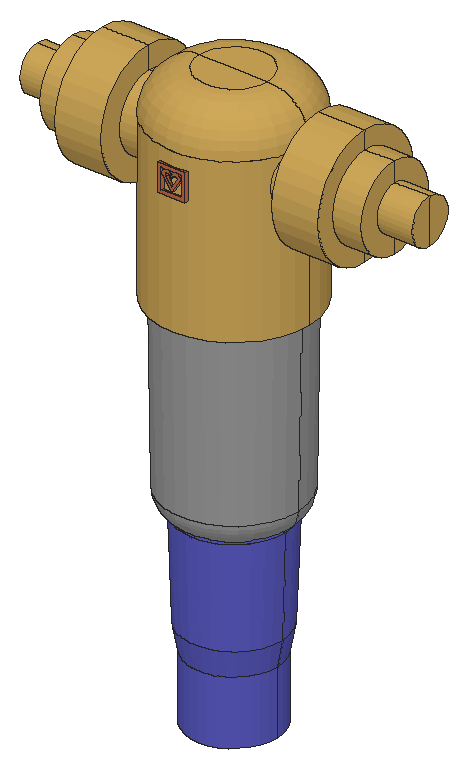
Revit family "HERZ Water Filter For Cold Water 0553", category Rohrzubehör, Revit 2019
Family settings
  Bemaßung runder Anschluss = Durchmesser verwenden
  Teiletyp = Unterbricht
  OmniClass-Nummer = 23.65.55.14
  OmniClass-Titel = Valves for Liquid Services
  Arbeitsebenenbasiert = Nein
  Immer vertikal = Ja
  Beim Laden mit Abzugskörper schneiden = Nein
  Gemeinsam genutzt = Nein
Parameters
  W02 = 88.00°  # constant formula
  W01 = 89.00°  # constant formula
  VRS01 = 10.000 mm  # constant formula
  SC_NennweiteBerechnet = 0
  SC_Dimension = ""
  SCTWSEQ = "FI;SBT_TYP_FI=\"FI\";2"
  SCTWCODE = "02;00;02"  # constant formula
  S01 [instance] = (L02 + VRL01 + VRL02) - (L01 / 2)  # 24.750 mm
  Model = "Filter for cold water with fiber-glass reinforced plastic cup."
  Medium = "Water"  # constant formula
  Max. operating temperature = 30 °C  # constant formula
  Max. operating pressure = 1600000.0 Pa  # constant formula
  Bowl = "transparent, fiber-glass reinforced plastic"  # constant formula
  Note = "Pursuant to Article 33 of the REACH Regulation (EC No. 1907/2006), we are obliged to point out that the material lead is listed on the SVHC list and that all brass components manufactured in our products exceed 0.1% (w / w) lead (CAS: 7439-92-1 / EINECS: 231-100-4).\r\nSince lead is a component part of an alloy, actual exposure is not possible and therefore no additional information on safe use is necessary."
  GT [instance] = size_lookup("0553_", "GT", 1.000 mm, Nennweite)  # 11.900 mm
  VRL02 [instance] = size_lookup("0553_", "VRL2", 1.000 mm, Nennweite)  # 21.750 mm
  VRL01 [instance] = size_lookup("0553_", "VRL1", 1.000 mm, Nennweite)  # 15.500 mm
  VRD02 [instance] = size_lookup("0553_", "VRD2", 1.000 mm, Nennweite)  # 14.000 mm
  VRD01 [instance] = size_lookup("0553_", "VRD1", 1.000 mm, Nennweite)  # 20.000 mm
  URL = "www.herzvalves.com"
  T01 = 1.000 mm  # constant formula
  R02 = 8.000 mm  # constant formula
  R01 = 12.500 mm  # constant formula
  Nennweite [instance] = 15.000 mm
  Cartridge = "stainless steel, mesh size 100 μm"  # constant formula
  D02 = 22.750 mm  # constant formula
  L02 [instance] = size_lookup("0553_", "L2", 1.000 mm, Nennweite)  # 28.750 mm
  L01 [instance] = size_lookup("0553_", "L1", 1.000 mm, Nennweite)  # 82.500 mm
  Hersteller = "HERZ Armaturen Ges.m.b.H."  # constant formula
  H04 = 174.000 mm  # constant formula
  H03 = 65.500 mm  # constant formula
  H02 = 45.500 mm  # constant formula
  H01 = 23.000 mm  # constant formula
  Body = "brass, CW617N"  # constant formula
  Part number [instance] = if(Nennweite = 15.000 mm, "I055301", if(Nennweite = 20.000 mm, "I055302", if(Nennweite = 25.000 mm, "I055303", "0")))  # "I055301"
  Application = "The HERZ-Water filter is used in house entrance installations for potable water to protect the potable water against contamination.\r\nIn this way the proper functioning of the system is ensured.\r\nDue to its compact design, the filter can be installed wherever space is restricted."
  AG [instance] = Nennweite / 2  # 7.500 mm
  D01 = 25.500 mm  # constant formula
Reference planes
  plane 1 "Mitte (Vorne/hinten)": y = 0
  plane 2: z = 0
  plane 3 "Mitte (Links/rechts)": x = 0
Forms (mm)
  Revolve 1, solid, material "Messing, weicher Gelbton, geschweißt", detail levels fine
    sketch origin (0, 0, 0) x (1, 0, 0) y (0, 0, 1)
      loop
        line (-41.25, 0) -> (41.25, 0) -> (41.25, 12.5) -> (-41.25, 12.5) -> (-41.25, 0)
      axis (-41.25, 0) -> (41.25, 0)
    angle from 0 to 360
  Revolve 2, solid, material "Messing, weicher Gelbton, geschweißt", detail levels fine
    sketch origin (0, 0, 0) x (1, 0, 0) y (0, 0, 1)
      loop
        line (-28.75, 0) -> (-28.75, 20) -> (-44.25, 20) -> (-44.25, 14) -> (-54.1, 14) -> (-54.1, 7.5) -> (-66, 7.5) -> (-66, 0) -> (-28.75, 0)
      axis (-66, 0) -> (-28.75, 0)
    angle from 0 to 360
  Revolve 3, solid, material "Messing, weicher Gelbton, geschweißt", detail levels fine
    sketch origin (0, 0, 0) x (-1, 0, 0) y (0, 0, 1)
      loop
        line (-28.75, 0) -> (-28.75, 20) -> (-44.25, 20) -> (-44.25, 14) -> (-54.1, 14) -> (-54.1, 7.5) -> (-66, 7.5) -> (-66, 0) -> (-28.75, 0)
      axis (-66, 0) -> (-28.75, 0)
    angle from 0 to 360
  Revolve 4, solid, material "Messing, weicher Gelbton, geschweißt", detail levels fine
    sketch origin (0, 0, 0) x (1, 0, 0) y (0, 0, 1)
      loop
        line (0, -45.5) -> (0, 23) -> (-11.5, 23)
        arc (-11.5, 23) -> (-21.399, 18.899) -> (-25.5, 9) r 14
        line (-25.5, 9) -> (-25.5, -45.5) -> (0, -45.5)
      axis (0, 23) -> (0, -45.5)
    angle from 0 to 360
  Revolve 5, solid, material "ABS-Kunststoff", detail levels fine
    sketch origin (0, 0, 0) x (1, 0, 0) y (0, 0, 1)
      loop
        line (0, -45.5) -> (-22.75, -45.5) -> (-21.744, -103.156)
        arc (-21.744, -103.156) -> (-19.53, -108.542) -> (-14.25, -111) r 8
        line (-14.25, -111) -> (0, -111) -> (0, -45.5)
      axis (0, -45.5) -> (0, -111)
    angle from 0 to 360
  Revolve 6, solid, material "Herz-Marineblau", detail levels fine
    sketch origin (0, 0, 0) x (1, 0, 0) y (0, 0, 1)
      loop
        line (-14.75, -174) -> (0, -174) -> (0, -110.996) -> (-17.5, -110.996) -> (-16.347, -144) -> (-14.75, -152.5) -> (-14.75, -174)
      axis (0, -110.996) -> (0, -174)
    angle from 0 to 360
Lines and regions (mm)
  model lines, detail levels coarse+medium
    curve 1: line (-41.25, 0, 23) -> (-41.25, 0, -23)
    curve 2: line (-41.25, 0, -23) -> (41.25, 0, -23)
    curve 3: line (41.25, 0, -23) -> (41.25, 0, 23)
    curve 4: line (41.25, 0, 23) -> (-41.25, 0, 23)
    curve 5: line (41.25, 0, 23) -> (12.5, 0, 0)
    curve 6: line (12.5, 0, 0) -> (41.25, 0, -23)
    curve 7: line (41.25, 0, 23) -> (51.25, 0, 23)
    curve 8: line (51.25, 0, 23) -> (41.25, 0, 0)
    curve 9: line (41.25, 0, -23) -> (51.25, 0, -23)
    curve 10: line (51.25, 0, -23) -> (41.25, 0, 0)
    curve 11: line (41.25, 0, 0) -> (66, 0, 0)
    curve 12: line (-41.25, 0, 23) -> (-51.25, 0, 23)
    curve 13: line (-51.25, 0, 23) -> (-41.25, 0, 0)
    curve 14: line (-41.25, 0, -23) -> (-51.25, 0, -23)
    curve 15: line (-51.25, 0, -23) -> (-41.25, 0, 0)
    curve 16: line (-41.25, 0, 0) -> (-66, 0, 0)
    curve 17: line (-41.25, -23, 0) -> (41.25, -23, 0)
    curve 18: line (-41.25, 23, 0) -> (-41.25, -23, 0)
    curve 19: line (41.25, 23, 0) -> (-41.25, 23, 0)
    curve 20: line (41.25, -23, 0) -> (41.25, 23, 0)
    curve 21: line (41.25, 23, 0) -> (8.232, 0, 0)
    curve 22: line (8.232, 0, 0) -> (41.25, -23, 0)
    curve 23: line (41.25, 23, 0) -> (51.25, 23, 0)
    curve 24: line (51.25, 23, 0) -> (41.25, 0, 0)
    curve 25: line (41.25, -23, 0) -> (51.25, -23, 0)
    curve 26: line (51.25, -23, 0) -> (41.25, 0, 0)
    curve 27: line (-41.25, 23, 0) -> (-51.25, 23, 0)
    curve 28: line (-51.25, 23, 0) -> (-41.25, 0, 0)
    curve 29: line (-41.25, -23, 0) -> (-51.25, -23, 0)
    curve 30: line (-51.25, -23, 0) -> (-41.25, 0, 0)
Dimensions and locks
  "L01": Revolve 1 sketch curve to Revolve 1 sketch curve
  equal spacing: Revolve 1 sketch curve, plane 3 "Mitte (Links/rechts)", Revolve 1 sketch curve
  "R01": Revolve 1 sketch curve to plane 2
  "L02": plane 3 "Mitte (Links/rechts)" to Revolve 2 sketch curve
  "VRL01": Revolve 2 sketch curve to Revolve 2 sketch curve
  "VRL02": Revolve 2 sketch curve to Revolve 2 sketch curve
  "GT": Revolve 2 sketch curve to Revolve 2 sketch curve
  "VRD01": Revolve 2 sketch curve to Revolve 2 sketch curve
  "VRD02": Revolve 2 sketch curve to Revolve 2 sketch curve
  "AG": Revolve 2 sketch curve to Revolve 2 sketch curve
  "VRL01": Revolve 3 sketch curve to Revolve 3 sketch curve
  "VRL02": Revolve 3 sketch curve to Revolve 3 sketch curve
  "GT": Revolve 3 sketch curve to Revolve 3 sketch curve
  "VRD01": Revolve 3 sketch curve to Revolve 3 sketch curve
  "VRD02": Revolve 3 sketch curve to Revolve 3 sketch curve
  "AG": Revolve 3 sketch curve to Revolve 3 sketch curve
  "L02": Revolve 3 sketch curve to plane 3 "Mitte (Links/rechts)"
  "H01": Revolve 4 sketch curve to plane 2
  "D01": Revolve 4 sketch curve to Revolve 4 sketch curve
  "H02": plane 2 to Revolve 4 sketch curve
  "D02": Revolve 5 sketch curve to Revolve 5 sketch curve
  "H02": plane 2 to Revolve 5 sketch curve
  "H03": Revolve 5 sketch curve to Revolve 5 sketch curve
  "H04": plane 2 to Revolve 6 sketch curve
  "D01": nested 1 to plane 1 "Mitte (Vorne/hinten)"
  equal spacing: curve 1, plane 3 "Mitte (Links/rechts)", curve 3
  "H01": curve 4 to level to curve 2
  "L01": curve 1 to curve 3
  "L02": curve 3 to curve 6
  "VRS01": curve 8 to curve 3
  "VRS01": curve 10 to curve 3
  "S01": curve 11 to curve 3
  "VRS01": curve 13 to curve 1
  "VRS01": curve 15 to curve 1
  "S01": curve 16 to Revolve 1
  "L01": curve 18 to curve 20
  equal spacing: curve 18, plane 3 "Mitte (Links/rechts)", curve 20
  "H01": curve 19 to plane 1 "Mitte (Vorne/hinten)" to curve 17
  "VRS01": curve 20 to curve 24
  "VRS01": curve 20 to curve 26
  "VRS01": curve 28 to curve 18
  "VRS01": curve 30 to curve 18
  "R02": radius of Revolve 5 sketch curve
  "W01": angle Revolve 5 sketch curve to Revolve 4
  "W02": angle Revolve 6 sketch curve to Revolve 6 sketch curve
  aligned and locked: level to plane 2
Automatic sketch dimensions
  curve 15 to level = 0.000 mm
  curve 11 to level = 0.000 mm
  curve 8 to level = 0.000 mm
  curve 5 to level = 0.000 mm
  plane 1 "Mitte (Vorne/hinten)" to curve 22 = 0.000 mm
  plane 1 "Mitte (Vorne/hinten)" to curve 28 = 0.000 mm
  plane 1 "Mitte (Vorne/hinten)" to curve 24 = 0.000 mm
  plane 1 "Mitte (Vorne/hinten)" to curve 26 = 0.000 mm
  plane 3 "Mitte (Links/rechts)" to curve 22 = 8.232 mm
  Revolve 1 sketch curve to level = 0.000 mm  (x2)
  Revolve 1 sketch curve to Revolve 1 sketch curve = 1474.830 mm
  Revolve 1 sketch curve to Revolve 1 sketch curve = 1807.448 mm
  Revolve 2 sketch curve to level = 0.000 mm  (x2)
  Revolve 2 sketch curve to Revolve 2 sketch curve = 1440.530 mm
  plane 3 "Mitte (Links/rechts)" to Revolve 2 sketch curve = 1839.148 mm
  Revolve 3 sketch curve to level = 0.000 mm  (x2)
  Revolve 3 sketch curve to Revolve 3 sketch curve = 1440.530 mm
  plane 3 "Mitte (Links/rechts)" to Revolve 3 sketch curve = 1839.148 mm
  Revolve 4 sketch curve to plane 3 "Mitte (Links/rechts)" = 0.000 mm  (x2)
  level to Revolve 4 sketch curve = 9.000 mm
  Revolve 4 sketch curve to Revolve 4 sketch curve = 320.545 mm
  Revolve 4 sketch curve to Revolve 4 sketch curve = 2190.315 mm
  Revolve 5 sketch curve to plane 3 "Mitte (Links/rechts)" = 0.000 mm  (x2)
  Revolve 5 sketch curve to plane 3 "Mitte (Links/rechts)" = 21.744 mm
  Revolve 5 sketch curve to Revolve 5 sketch curve = 7.494 mm
  Revolve 5 sketch curve to Revolve 5 sketch curve = 255.045 mm
  level to Revolve 5 sketch curve = 2214.315 mm
  Revolve 6 sketch curve to plane 3 "Mitte (Links/rechts)" = 0.000 mm  (x2)
  Revolve 6 sketch curve to plane 3 "Mitte (Links/rechts)" = 14.750 mm
  Revolve 6 sketch curve to Revolve 6 sketch curve = 1.597 mm
  Revolve 6 sketch curve to plane 3 "Mitte (Links/rechts)" = 17.500 mm
  Revolve 6 sketch curve to Revolve 6 sketch curve = 21.500 mm
  Revolve 6 sketch curve to Revolve 6 sketch curve = 8.500 mm
  Revolve 6 sketch curve to Revolve 6 sketch curve = 192.045 mm
  level to Revolve 6 sketch curve = 2214.315 mm
Nested families
  nested 1: "Herz-Logo-vorne" at (0, -25.5, 0) x (0, 1, 0) z (0, 0, 1), type "Herz-Logo-vorne", detail levels fine
Connectors
  piping at (-66, 0, 0), diameter 15, driven by "Nennweite"
    settings: on Revolve 2, index 1, connector inside diameter 609.6 mm, connector length 0.000 mm, flow factor 0, pipe flow 0.0 L/s, pressure drop 0.0 Pa, fitting loss kfactor 0, connector angle 0.00°, fixture units 0, engagement length 0.000 mm, angle of deflection 0.00°, flow configuration 0, flow direction 1, fitting loss method 0, system type 20, joint type 0, gender type 0, connector reference index -1, connector utility 0, adjustable connector no, is connector primary yes, connector description ""
  piping at (66, 0, 0), diameter 15, driven by "Nennweite"
    settings: on Revolve 3, index 2, connector inside diameter 609.6 mm, connector length 0.000 mm, flow factor 0, pipe flow 0.0 L/s, pressure drop 0.0 Pa, fitting loss kfactor 0, connector angle 0.00°, fixture units 0, engagement length 0.000 mm, angle of deflection 0.00°, flow configuration 0, flow direction 2, fitting loss method 0, system type 20, joint type 0, gender type 0, connector reference index -1, connector utility 0, adjustable connector no, is connector primary no, connector description ""
Definition of nested family "Herz-Logo-vorne"
  Reference planes
    plane 1 "Mitte (Vorne/hinten)": y = 0
    plane 2: z = 0
    plane 3 "Mitte (Links/rechts)": x = 0
  Forms (mm)
    Extrusion 1, solid
      sketch origin (0.732, -0.018, 0.017) x (0, -1, 0) y (0, 0, 1)
        loop
          line (-0.018, -4.517) -> (4.482, -4.517) -> (4.482, 4.483) -> (-4.518, 4.483) -> (-4.518, -4.517) -> (-0.018, -4.517)
        loop
          line (-0.05, -3.48) -> (3.482, -3.48) -> (3.482, 3.483) -> (-3.518, 3.483) -> (-3.518, -3.48) -> (-0.05, -3.48)
        loop
          arc (-0.018, 2.383) -> (-1.543, 3.287) -> (-3.067, 2.383) r 1.738
          arc (-3.067, 2.383) -> (-3.191, 1.899) -> (-3.067, 1.415) r 1.009
          line (-3.067, 1.415) -> (-0.018, -3.281) -> (3.032, 1.415)
          arc (3.032, 1.415) -> (3.156, 1.899) -> (3.032, 2.383) r 1.009
          arc (3.032, 2.383) -> (1.507, 3.287) -> (-0.018, 2.383) r 1.738
        loop
          arc (1.885, 1.272) -> (2.005, 1.675) -> (1.885, 2.079) r 0.74
          arc (1.885, 2.079) -> (1.265, 2.416) -> (0.644, 2.079) r 0.74
          line (0.644, 2.079) -> (-0.018, 0.97) -> (-0.679, 2.079)
          arc (-0.679, 2.079) -> (-1.3, 2.416) -> (-1.921, 2.079) r 0.74
          arc (-1.921, 2.079) -> (-2.04, 1.675) -> (-1.921, 1.272) r 0.74
          line (-1.921, 1.272) -> (-0.018, -1.658) -> (1.885, 1.272)
      from 0 to 1.5
  Dimensions and locks
    aligned and locked: level to plane 2
